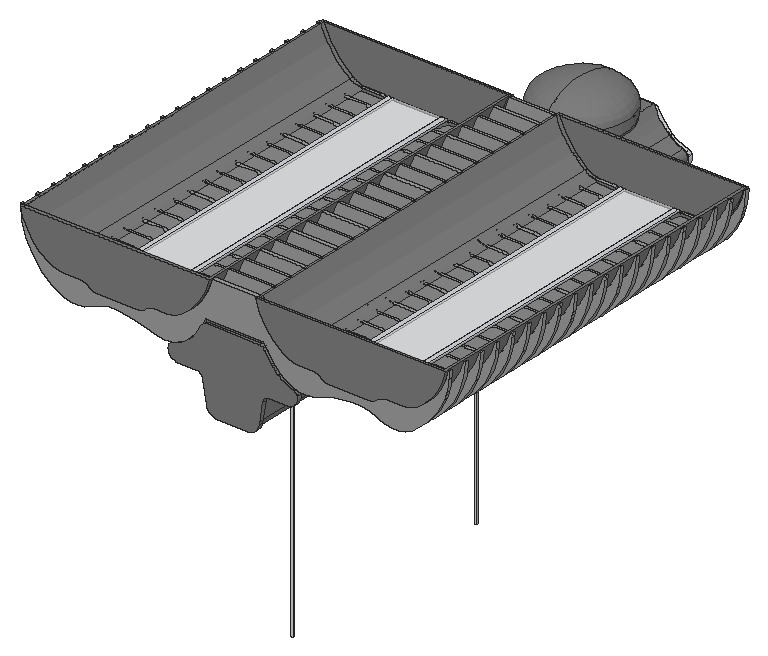
Revit family "0039272 Feilo Sylvania Lighting Fixtures SYLBAY LED 4000K 13KLM WIDE 1-10V PIR", category Lighting Fixtures, host Face, Revit 2017
Family settings
  Host = Face
  Round Connector Dimension = Use Diameter
  Part Type = Normal
  OmniClass Number = 23.80.70.00
  OmniClass Title = Lighting
  Cut with Voids When Loaded = No
  Light Source = Yes
  Shared = No
  Room Calculation Point = No
Parameters (values of type "0039272 SYLBAY LED 4000K 13KLM WIDE 1-10V PIR")
  WireRadius_FEILO = 1 mm
  Weight = "5.1 kg"
  Wattage Comments = "n/a"
  Wattage = 95 W
  WarrantyStartDate [instance] = "n/a"
  WarrantyGuarantorParts = "n/a"
  WarrantyDurationUnit = "n/a"
  WarrantyDurationParts = "n/a"
  WarrantyDescription = "n/a"
  built-in parameter 1150110 = 1 (stored number, unit not read)
  Voltage = 230 V
  URL = "http://www.sylvania-lighting.com"
  TypeName = "SYLBAY LED 4000K 13KLM WIDE 1-10V PIR"
  Type Image = <None>
  Type Comments = "n/a"
  built-in parameter 1114217 = 1 (stored number, unit not read)
  Tilt Angle = -90.00°
  built-in parameter 1150109 = 1 (stored number, unit not read)
  built-in parameter 1150134 = 12
  SuspensionHeight_FEILO [instance] = if(SurfaceMounted_FEILO, 107 mm, SuspensionHeightEntry_FEILO)  # 300 mm
  SuspensionHeightEntry_FEILO [instance] = 300 mm
  SurfaceMounted_FEILO [instance] = no
  built-in parameter 1150113 = 1 (stored number, unit not read)
  SerialNumber [instance] = "n/a"
  ReflectorMaterial = none
  PowerFactor = 0
  PowerConsumption = "95 W"
  Photometric Web File = "0039272.ies"
  NominalLength = 430 mm
  NominalHeight = 105 mm
  NominalDepth = 375 mm
  Name = "SYLBAY LED 4000K 13KLM WIDE 1-10V PIR"
  ModelReference = "SYLBAY LED 4000K 13KLM WIDE 1-10V PIR"
  ModelNumber = "0039272"
  Model = "SYLBAY LED 4000K 13KLM WIDE 1-10V PIR"
  Material = "aluminium housing"
  ManufacturerName = "Feilo Sylvania"
  Manufacturer = "Feilo Sylvania"
  LuminousEfficacy = "141.59 lm/W"
  built-in parameter 1150105 = 8028 (stored number, unit not read)
  Lumens = 13451 lm
  LuminaireType = ""
  built-in parameter 1150115 = 1 (stored number, unit not read)
  LightOutputRatio = "100"
  built-in parameter 1150137 = (empty or 0)
  built-in parameter 1150139 = (empty or 0)
  LampsType = Lamp  # "LED"
  LampNominalLuminous = "13309 lm"
  LampMacAdamStep = "n/a"
  LampColourTemperature = "4000 K"
  LampColourRenderingIndex = "80"
  built-in parameter 1150112 = 1 (stored number, unit not read)
  built-in parameter 1150114 = 1 (stored number, unit not read)
  Lamp = "LED"
  Keynote = "16500"
  InstallationDate [instance] = "n/a"
  InputVoltage = "220-240V~"
  InputNominalFrequency = "50/60 Hz"
  built-in parameter 1150132 = (empty or 0)
  built-in parameter 1150102 = (empty or 0)
  built-in parameter 1150107 = 4000 (stored number, unit not read)
  built-in parameter 1150138 = (empty or 0)
  IngressProtection = "IP65"
  ImpactProtectionIndex = "IK08"
  built-in parameter 1150106 = 80.28 (stored number, unit not read)
  IfcExportType = "IfcLightFixtureType"
  IfcExportAs = "IfcLightFixtureType"
  ExpectedLife = 50000
  Emit from Rectangle Width = 365 mm
  Emit from Rectangle Length = 320 mm
  Emit Shape Visible in Rendering = no
  ElectricShockClassification = "Class I"
  built-in parameter 1150104 = 13.154 (stored number, unit not read)
  DurationUnit = "hours"
  DocumentationLiterature = "http://www.sylvania-lighting.com/product/en-int/products/0039272"
  DimmingControlOptions = "Dimmable"
  Dimming Lamp Color Temperature Shift = <None>
  DiffuserMaterial = Diffuser-Sylvania-Sylbay-Transparent
  Description = "Specification industrial high bay luminaire, robust and durable, slim design, high output and efficiency, lightweight, aluminium housing with shatter-resistant polycarbonate lens optic, 13,300 lumens, 95W, 140lm/W, 4000K, 1400mA, CRI 80, wide beam optic, 1-10V dimmable, integral PIR sensor with daylight/occupancy detection, IP65, IK08, 100,000 hrs (L90B10), (LxWxH) 330x375x105mm, 3 step MacAdam ellipse, 4.6kg, aluminium finish, Class 1, 220-240V, integrated LED, energy class: A++, A+, A."
  Default Elevation = 1219.2 mm
  CreatedOn = "17/11/2017"
  CreatedBy = ""
  Cost = 0
  Color Filter = 16777215
  built-in parameter 1114216 [instance] = (empty or 0)
  BodyMaterial = Body-Sylvania-Sylbay-Aluminium
  BarCode [instance] = "n/a"
  built-in parameter 1114218 = 1 (stored number, unit not read)
  built-in parameter 1150133 = 10 (stored number, unit not read)
  AssetType = "Fixed"
  AssetIdentifier [instance] = "n/a"
  Assembly Code = "D5020200"
  Apparent Load = 95 VA
  AccessoryMaterial = Accesory-Sylvania-Sylbay-White
Reference planes
  plane 1 "Center (Front/Back)": y = 0
  plane 2: z = 0
  plane 3 "Center (Left/Right)": x = 0
  plane 4: z = 300
  plane 5: y = -162
  plane 6: y = 100
  plane 7: y = -100
  plane 8: z = 237.522
  plane 9: z = 246.272
  plane 10: z = 227.522
  plane 11: z = 266.272
  plane 12: z = 256.272
  plane 13: z = 262.272
  plane 14: y = 262
  plane 15: y = -8.075
  plane 16: y = 8.075
  plane 17: y = -165
  plane 18: y = 265
  plane 19: z = 195
  plane 20: z = 193
  plane 21: y = 165
  plane 22: y = 215
  plane 23: y = 175
  plane 24: y = 255
  plane 25: z = 278.272
  plane 26: y = 176
  plane 27: y = 254
Forms (mm)
  Extrusion 1, solid, material "Accesory-Sylvania-Sylbay-White" <- "AccessoryMaterial"
    sketch origin (0, 0, 0) x (1, 0, 0) y (0, 0, 1)
      loop
        arc (-39.258, 246.272) -> (-44.534, 242.283) -> (-50.507, 239.445) r 32.519
        arc (-50.507, 239.445) -> (-54.463, 232.388) -> (-48, 227.522) r 6.147
        line (-48, 227.522) -> (-32.102, 227.522)
        arc (-32.102, 227.522) -> (-26.92, 225.616) -> (-24.206, 220.808) r 8
        line (-24.206, 220.808) -> (-21.094, 201.713)
        arc (-21.094, 201.713) -> (-18.38, 196.905) -> (-13.198, 195) r 8
        line (-13.198, 195) -> (13.198, 195)
        arc (13.198, 195) -> (18.393, 196.916) -> (21.099, 201.746) r 8
        line (21.099, 201.746) -> (24.206, 220.808)
        arc (24.206, 220.808) -> (26.92, 225.616) -> (32.102, 227.522) r 8
        line (32.102, 227.522) -> (48, 227.522)
        arc (48, 227.522) -> (54.463, 232.388) -> (50.507, 239.445) r 6.147
        arc (50.507, 239.445) -> (44.534, 242.283) -> (39.258, 246.272) r 32.519
        arc (39.258, 246.272) -> (31.199, 255.531) -> (25.254, 266.272) r 58.361
        line (25.254, 266.272) -> (-25.254, 266.272)
        arc (-25.254, 266.272) -> (-31.199, 255.531) -> (-39.258, 246.272) r 58.361
    from -262 to 162
  Extrusion 2, solid, material "Body-Sylvania-Sylbay-Aluminium" <- "BodyMaterial", detail levels medium+fine
    sketch origin (0, 0, 0) x (1, 0, 0) y (0, 0, 1)
      loop
        arc (-32.102, 225.522) -> (-28.215, 224.093) -> (-26.18, 220.487) r 6
        line (-26.18, 220.487) -> (-23.068, 201.392)
        arc (-23.068, 201.392) -> (-19.676, 195.381) -> (-13.198, 193) r 10
        line (-13.198, 193) -> (13.198, 193)
        arc (13.198, 193) -> (19.69, 195.393) -> (23.074, 201.428) r 10
        line (23.074, 201.428) -> (26.18, 220.487)
        arc (26.18, 220.487) -> (28.215, 224.093) -> (32.102, 225.522) r 6
        line (32.102, 225.522) -> (47.932, 225.522)
        arc (47.932, 225.522) -> (54.718, 228.451) -> (56.343, 235.661) r 8.147
        arc (56.343, 235.661) -> (55.292, 237.506) -> (53.445, 238.553) r 4
        arc (53.445, 238.553) -> (45.865, 241.518) -> (39.258, 246.272) r 32.519
        arc (39.258, 246.272) -> (32.89, 253.237) -> (27.728, 261.137) r 58.361
        arc (27.728, 261.137) -> (25.523, 263.429) -> (22.456, 264.272) r 6
        line (22.456, 264.272) -> (-22.456, 264.272)
        arc (-22.456, 264.272) -> (-25.523, 263.429) -> (-27.728, 261.137) r 6
        arc (-27.728, 261.137) -> (-32.89, 253.237) -> (-39.258, 246.272) r 58.361
        arc (-39.258, 246.272) -> (-45.865, 241.518) -> (-53.445, 238.553) r 32.519
        arc (-53.445, 238.553) -> (-55.292, 237.506) -> (-56.343, 235.661) r 4
        arc (-56.343, 235.661) -> (-54.718, 228.451) -> (-47.932, 225.522) r 8.147
        line (-47.932, 225.522) -> (-32.102, 225.522)
    from 162 to 165
  Extrusion 3, solid, detail levels medium+fine
    sketch origin (0, 0, 0) x (1, 0, 0) y (0, 0, 1)
      loop
        line (-47.932, 225.522) -> (-32.102, 225.522)
        arc (-32.102, 225.522) -> (-28.215, 224.093) -> (-26.18, 220.487) r 6
        line (-26.18, 220.487) -> (-23.068, 201.392)
        arc (-23.068, 201.392) -> (-19.676, 195.381) -> (-13.198, 193) r 10
        line (-13.198, 193) -> (13.198, 193)
        arc (13.198, 193) -> (19.69, 195.393) -> (23.074, 201.428) r 10
        line (23.074, 201.428) -> (26.18, 220.487)
        arc (26.18, 220.487) -> (28.215, 224.093) -> (32.102, 225.522) r 6
        line (32.102, 225.522) -> (47.932, 225.522)
        arc (47.932, 225.522) -> (54.718, 228.451) -> (56.343, 235.661) r 8.147
        arc (56.343, 235.661) -> (55.292, 237.506) -> (53.445, 238.553) r 4
        arc (53.445, 238.553) -> (45.865, 241.518) -> (39.258, 246.272) r 32.519
        arc (39.258, 246.272) -> (32.89, 253.237) -> (27.728, 261.137) r 58.361
        arc (27.728, 261.137) -> (25.523, 263.429) -> (22.456, 264.272) r 6
        line (22.456, 264.272) -> (-22.456, 264.272)
        arc (-22.456, 264.272) -> (-25.523, 263.429) -> (-27.728, 261.137) r 6
        arc (-27.728, 261.137) -> (-32.89, 253.237) -> (-39.258, 246.272) r 58.361
        arc (-39.258, 246.272) -> (-45.865, 241.518) -> (-53.445, 238.553) r 32.519
        arc (-53.445, 238.553) -> (-55.292, 237.506) -> (-56.343, 235.661) r 4
        arc (-56.343, 235.661) -> (-54.718, 228.451) -> (-47.932, 225.522) r 8.147
    from -265 to -262
  Extrusion 4, solid
    sketch origin (-316.531, -4572, 195) x (-1, 0, 0) y (0, -1, 0)
      loop
        circle (-316.531, -4672) r 1
      loop
        circle (-316.531, -4472) r 1
    from 0 to -195
  Revolve 5, solid, material "Body-Sylvania-Sylbay-Aluminium" <- "BodyMaterial"
    sketch origin (0, 0, 0) x (0, 1, 0) y (0, 0, 1)
      loop
        arc (175.771, 269.022) -> (176.729, 267.064) -> (178.76, 266.272) r 3
        line (178.76, 266.272) -> (215, 266.272) -> (215, 278.272) -> (175, 278.272) -> (175.771, 269.022)
      axis (215, 266.272) -> (215, 278.272)
    angle from 360 to 0
  Revolve 6, solid, material "Accesory-Sylvania-Sylbay-White" <- "AccessoryMaterial"
    sketch origin (0, 0, 0) x (0, 1, 0) y (0, 0, 1)
      loop
        line (175, 278.272) -> (215, 278.272) -> (215, 300)
        spline (215, 300) -> (209.779, 299.814) -> (204.647, 299.26) -> (199.693, 298.346) -> (195, 297.089) -> (190.65, 295.51) -> (186.716, 293.636) -> (183.266, 291.499) -> (180.359, 289.136) -> (178.045, 286.587) -> (176.363, 283.895) -> (175.342, 281.108) -> (175, 278.272)
      axis (215, 278.272) -> (215, 300)
    angle from 360 to 0
Dimensions and locks
  "SuspensionHeight_FEILO": plane 4 to plane 2
  equal spacing: plane 7, plane 1 "Center (Front/Back)", plane 6
  locked: plane 1 "Center (Front/Back)" to plane 6 at 100
  locked: plane 4 to plane 8 at 62.478
  locked: plane 4 to plane 9 at 53.728
  plane 4 to plane 10 = 72.478 mm
  locked: plane 4 to plane 11 at 33.728
  locked: plane 12 to plane 9 at 10
  locked: plane 13 to plane 12 at 6
  locked: plane 3 "Center (Left/Right)" to Extrusion 1 sketch curve at 48.447
  locked: Extrusion 1 sketch curve to plane 3 "Center (Left/Right)" at 48.447
  locked: plane 4 to Extrusion 1 sketch curve at 66.347  (x2)
  Extrusion 1 sketch curve to plane 3 "Center (Left/Right)" to Extrusion 1 sketch curve = 13.198 mm locked, 13.198 mm locked
  Extrusion 1 sketch curve to plane 3 "Center (Left/Right)" to Extrusion 1 sketch curve = 32.102 mm locked, 32.102 mm locked
  locked: plane 4 to Extrusion 1 sketch curve at 97  (x2)
  locked: plane 4 to Extrusion 1 sketch curve at 80.478  (x2)
  equal spacing: plane 15, plane 1 "Center (Front/Back)", plane 16
  locked: plane 15 to plane 16 at 16.15
  locked: plane 10 to Extrusion 2 sketch curve at 2
  plane 10 to Extrusion 2 sketch curve = 2 mm
  locked: Extrusion 2 sketch curve to Extrusion 1 at 2  (x2)
  locked: Extrusion 2 sketch curve to plane 3 "Center (Left/Right)" at 52.466
  locked: plane 3 "Center (Left/Right)" to Extrusion 2 sketch curve at 52.466
  locked: plane 4 to Extrusion 2 sketch curve at 65.325  (x2)
  locked: plane 4 to Extrusion 2 sketch curve at 41.728  (x2)
  locked: plane 3 "Center (Left/Right)" to Extrusion 2 sketch curve at 22.456
  locked: Extrusion 2 sketch curve to plane 3 "Center (Left/Right)" at 22.456
  locked: plane 4 to plane 19 at 105
  locked: plane 19 to plane 20 at 2
  locked: plane 1 "Center (Front/Back)" to plane 18 at 265
  locked: plane 14 to plane 18 at 3
  locked: plane 17 to plane 1 "Center (Front/Back)" at 165
  locked: plane 17 to plane 5 at 3
  locked: plane 21 to plane 18 at 100
  locked: plane 21 to plane 22 at 50
  equal spacing: plane 23, plane 22, plane 24
  locked: plane 23 to plane 22 at 40
  equal spacing: plane 26, plane 22, plane 27
  locked: plane 23 to plane 26 at 1
  locked: plane 25 to plane 11 at 12
  locked: Revolve 5 sketch curve to plane 11 at 3
  locked: Revolve 5 sketch curve to plane 22 at 36.24
  "WireRadius_FEILO": radius of Extrusion 4 sketch curve  (x2)
  aligned and locked: plane 2 to host face
  aligned and locked: level to host face
  aligned and locked: plane 10 to Extrusion 1 sketch curve
  aligned and locked: plane 5 to Extrusion 1
  aligned and locked: Extrusion 1 to plane 14
  aligned and locked: imposter light to plane 4
  aligned and locked: plane 3 "Center (Left/Right)" to imposter light
  aligned and locked: plane 1 "Center (Front/Back)" to imposter light
  aligned and locked: plane 17 to Extrusion 2
  aligned and locked: Extrusion 2 to plane 5
  aligned and locked: Extrusion 3 sketch curve to Extrusion 2  (x15)
  aligned and locked: Extrusion 3 to Extrusion 1
  aligned and locked: Extrusion 3 to plane 18
  aligned and locked: Extrusion 1 sketch curve to plane 19
  aligned and locked: plane 7 to Extrusion 4 sketch curve
  aligned and locked: plane 3 "Center (Left/Right)" to Extrusion 4 sketch curve  (x2)
  aligned and locked: plane 6 to Extrusion 4 sketch curve
  aligned and locked: Extrusion 1 to Extrusion 4
  aligned and locked: Extrusion 4 to level
  aligned and locked: plane 20 to Extrusion 2 sketch curve
  aligned and locked: Revolve 5 sketch curve to plane 11
  aligned and locked: Revolve 5 sketch curve to plane 22  (x2)
  aligned and locked: Revolve 5 sketch curve to plane 25
  aligned and locked: Revolve 6 sketch curve to plane 22  (x2)
  aligned and locked: Revolve 6 sketch curve to Revolve 5
  aligned and locked: plane 4 to Revolve 6 sketch curve
  aligned and locked: plane 22 to Revolve 6 sketch curve
  aligned and locked: plane 3 "Center (Left/Right)" to nested 1
  aligned and locked: plane 1 "Center (Front/Back)" to nested 1
Automatic sketch dimensions
  host sketch curve to host sketch curve = 2438.4 mm  (x2)
  Extrusion 1 sketch curve to plane 9 = 0 mm  (x4)
  Extrusion 1 sketch curve to plane 10 = 0 mm
  plane 11 to Extrusion 1 sketch curve = 3.811 mm
  Extrusion 1 sketch curve to Extrusion 1 sketch curve = 36.151 mm  (x2)
  Extrusion 1 sketch curve to plane 4 = 10.994 mm  (x2)
  Extrusion 1 sketch curve to plane 11 = 0 mm
  plane 9 to Extrusion 1 sketch curve = 23.811 mm
  Extrusion 1 sketch curve to plane 10 = 6.713 mm  (x2)
  plane 19 to Extrusion 1 sketch curve = 6.713 mm
  Extrusion 3 sketch curve to plane 10 = 7.035 mm  (x2)
  plane 19 to Extrusion 3 sketch curve = 6.392 mm
  plane 19 to Extrusion 1 sketch curve = 6.746 mm
  plane 19 to Extrusion 3 sketch curve = 6.428 mm
  plane 3 "Center (Left/Right)" to Extrusion 1 sketch curve = 25.254 mm
  Extrusion 1 sketch curve to Extrusion 1 sketch curve = 0.447 mm  (x2)
  Extrusion 1 sketch curve to Extrusion 1 sketch curve = 12.959 mm
  Extrusion 2 sketch curve to plane 9 = 0 mm  (x4)
  plane 11 to Extrusion 2 sketch curve = 3.811 mm  (x2)
  Extrusion 2 sketch curve to Extrusion 2 sketch curve = 8.939 mm  (x2)
  Extrusion 2 sketch curve to plane 4 = 10.994 mm  (x2)
  Extrusion 2 sketch curve to Extrusion 2 sketch curve = 17.6 mm  (x2)
  Extrusion 2 sketch curve to Extrusion 2 sketch curve = 4.02 mm  (x2)
  Extrusion 2 sketch curve to Extrusion 2 sketch curve = 0.514 mm
  Extrusion 2 sketch curve to plane 10 = 8 mm
  Extrusion 2 sketch curve to plane 10 = 7.035 mm  (x2)
  plane 19 to Extrusion 2 sketch curve = 6.392 mm
  plane 19 to Extrusion 2 sketch curve = 8 mm
  plane 3 "Center (Left/Right)" to Extrusion 2 sketch curve = 13.198 mm
  plane 19 to Extrusion 2 sketch curve = 6.428 mm
  Extrusion 2 sketch curve to Extrusion 2 sketch curve = 5.922 mm
  Extrusion 2 sketch curve to Extrusion 2 sketch curve = 4.534 mm
  Extrusion 2 sketch curve to plane 8 = 3.869 mm  (x2)
  Extrusion 2 sketch curve to plane 11 = 2 mm
  Extrusion 2 sketch curve to Extrusion 2 sketch curve = 0 mm  (x2)
  Revolve 6 sketch curve to plane 23 = 0 mm
  Revolve 6 sketch curve to level = 309.6 mm
  plane 4 to Revolve 6 sketch curve = 2138.4 mm
  Revolve 5 sketch curve to plane 23 = 0 mm
  plane 26 to Revolve 5 sketch curve = 0.229 mm
  Revolve 5 sketch curve to level = 309.6 mm
  plane 4 to Revolve 5 sketch curve = 2138.4 mm
Nested families
  nested 1: "SylbayBody" at (0, 0, 266.272), type "SylbayBody"
  nested 2: "SlybayRib" at (0, 144.453, 300), type "SylbayRib"
  nested 3: "SlybayRib" at (0, 127.406, 300), type "SylbayRib"
  nested 4: "SlybayRib" at (0, 110.358, 300), type "SylbayRib"
  nested 5: "SlybayRib" at (0, 93.311, 300), type "SylbayRib"
  nested 6: "SlybayRib" at (0, 76.264, 300), type "SylbayRib"
  nested 7: "SlybayRib" at (0, 59.217, 300), type "SylbayRib"
  nested 8: "SlybayRib" at (0, 42.169, 300), type "SylbayRib"
  nested 9: "SlybayRib" at (0, 25.122, 300), type "SylbayRib"
  nested 10: "SlybayRib" at (0, 161.5, 300), type "SylbayRib"
  nested 11: "SlybayRib" at (0, -144.453, 300), type "SylbayRib"
  nested 12: "SlybayRib" at (0, -127.406, 300), type "SylbayRib"
  nested 13: "SlybayRib" at (0, -110.358, 300), type "SylbayRib"
  nested 14: "SlybayRib" at (0, -93.311, 300), type "SylbayRib"
  nested 15: "SlybayRib" at (0, -76.264, 300), type "SylbayRib"
  nested 16: "SlybayRib" at (0, -59.217, 300), type "SylbayRib"
  nested 17: "SlybayRib" at (0, -42.169, 300), type "SylbayRib"
  nested 18: "SlybayRib" at (0, -25.122, 300), type "SylbayRib"
  nested 19: "SlybayRib" at (0, -161.5, 300), type "SylbayRib"
  nested 20: "SlybayRib" at (0, 8.075, 300), type "SylbayRib"
  nested 21: "SlybayRib" at (0, -8.075, 300), type "SylbayRib"
Connectors
  electrical at (0, 0, 0), driven by "Apparent Load"
    settings: index 1, voltage 230 V, apparent load 95 VA, apparent load phase1 0 VA, apparent load phase2 0 VA, apparent load phase3 0 VA, power factor 0, load classification "Lighting", number of poles 1, system type 30, power factor state 1, is connector primary yes, connector utility no, sub classification motor no, connector description ""
Definition of nested family "SylbayBody"
  Parameters (values of type "SylbayBody")
    URL = "http://www.feilosylvania.com"
    Type Image = (empty or 0)
    Type Comments = "n/a"
    RibLast_FEILO = 161.5 mm
    RibDistance_FEILO = RibLast_FEILO / 10  # 16.15 mm
    ReflectorMaterial = none
    Model = ""
    Manufacturer = "Feilo Sylvania"
    Keynote = ""
    DiffuserMaterial = none
    Description = "n/a"
    Default Elevation = 1219.2 mm
    Cost = 0
    BodyMaterial = none
    Assembly Code = "D5020200"
    AccessoryMaterial = none
  Reference planes
    plane 1 "Center (Front/Back)": y = 0
    plane 2: z = 0
    plane 3 "Center (Left/Right)": x = 0
    plane 4: x = -187.5
    plane 5: x = 187.5
    plane 6: z = 33.728
    plane 7: y = -165
    plane 8: y = 165
    plane 9: y = -148
    plane 10: y = 160
    plane 11: y = -160
    plane 12: z = -28.75
    plane 13: z = -20
    plane 14: x = -102.75
    plane 15: x = 102.75
    plane 16: z = 0
    plane 17: x = -185.5
    plane 18: x = -20
    plane 19: z = -10
    plane 20: x = -122.75
    plane 21: x = -82.75
    plane 22: z = -4
    plane 23: x = -130.75
    plane 24: x = -74.75
    plane 25: x = -145.75
    plane 26: x = -59.75
    plane 27: x = -25.3
    plane 28: x = -183.5
    plane 29: x = -22
    plane 30: y = -163
    plane 31: y = 163
    plane 32: x = 25.3
    plane 33: x = -48
    plane 34: x = 48
    plane 35: x = 20
    plane 36: y = 148
    plane 37: y = -161.5
    plane 38: y = 161.5
    plane 39: y = -8.075
    plane 40: y = 8.075
    plane 41: y = -151
    plane 42: y = 151
    plane 43: y = 149
    plane 44: y = 152
    plane 45: z = -2
    plane 46: z = 0
  Forms (mm)
    Extrusion 1, solid
      sketch origin (4.2, 0, 0) x (1, 0, 0) y (0, 1, 0)
        loop
          line (-1219.2, 1219.2) -> (-1219.2, -1219.2) -> (1219.2, -1219.2) -> (1219.2, 1219.2) -> (-1219.2, 1219.2)
      from 0 to -304.8
    Extrusion 2, solid, material <- "BodyMaterial", detail levels coarse+medium
      sketch origin (0, 0, -234.25) x (1, 0, 0) y (0, 0, 1)
        loop
          arc (-187.5, 267.978) -> (-180.003, 237.85) -> (-159.829, 214.25) r 67.598
          arc (-159.829, 214.25) -> (-143.258, 206.411) -> (-125.169, 209.379) r 30.791
          arc (-125.169, 209.379) -> (-113.533, 213.402) -> (-101.25, 214.25) r 46.777
          arc (-101.25, 214.25) -> (-87.202, 212.214) -> (-73.664, 207.942) r 87.865
          arc (-73.664, 207.942) -> (-55.541, 206.076) -> (-39.258, 214.25) r 32.519
          arc (-39.258, 214.25) -> (-31.199, 223.509) -> (-25.254, 234.25) r 58.361
          line (-25.254, 234.25) -> (25.254, 234.25)
          arc (25.254, 234.25) -> (31.199, 223.509) -> (39.258, 214.25) r 58.361
          arc (39.258, 214.25) -> (55.541, 206.076) -> (73.664, 207.942) r 32.519
          arc (73.664, 207.942) -> (87.202, 212.214) -> (101.25, 214.25) r 87.865
          arc (101.25, 214.25) -> (113.533, 213.402) -> (125.169, 209.379) r 46.777
          arc (125.169, 209.379) -> (143.258, 206.411) -> (159.829, 214.25) r 30.791
          arc (159.829, 214.25) -> (180.003, 237.85) -> (187.5, 267.978) r 67.598
          line (187.5, 267.978) -> (185.5, 267.978)
          arc (185.5, 267.978) -> (176.042, 248.665) -> (160.084, 234.25) r 56.823
          arc (160.084, 234.25) -> (153.191, 231.269) -> (145.75, 230.25) r 27.682
          line (145.75, 230.25) -> (132.583, 230.25)
          arc (132.583, 230.25) -> (129.421, 229.737) -> (126.583, 228.25) r 10
          line (126.583, 228.25) -> (123.917, 226.25)
          arc (123.917, 226.25) -> (121.079, 224.763) -> (117.917, 224.25) r 10
          line (117.917, 224.25) -> (84.583, 224.25)
          arc (84.583, 224.25) -> (81.421, 224.763) -> (78.583, 226.25) r 10
          line (78.583, 226.25) -> (75.917, 228.25)
          arc (75.917, 228.25) -> (73.079, 229.737) -> (69.917, 230.25) r 10
          line (69.917, 230.25) -> (58.25, 230.25)
          arc (58.25, 230.25) -> (51.55, 231.273) -> (45.461, 234.25) r 22.443
          arc (45.461, 234.25) -> (30.027, 249.073) -> (20, 267.978) r 67.602
          line (20, 267.978) -> (-20, 267.978)
          arc (-20, 267.978) -> (-30.027, 249.073) -> (-45.461, 234.25) r 67.602
          arc (-45.461, 234.25) -> (-51.55, 231.273) -> (-58.25, 230.25) r 22.443
          line (-58.25, 230.25) -> (-69.917, 230.25)
          arc (-69.917, 230.25) -> (-73.079, 229.737) -> (-75.917, 228.25) r 10
          line (-75.917, 228.25) -> (-78.583, 226.25)
          arc (-78.583, 226.25) -> (-81.421, 224.763) -> (-84.583, 224.25) r 10
          line (-84.583, 224.25) -> (-117.917, 224.25)
          arc (-117.917, 224.25) -> (-121.079, 224.763) -> (-123.917, 226.25) r 10
          line (-123.917, 226.25) -> (-126.583, 228.25)
          arc (-126.583, 228.25) -> (-129.421, 229.737) -> (-132.583, 230.25) r 10
          line (-132.583, 230.25) -> (-145.75, 230.25)
          arc (-145.75, 230.25) -> (-153.191, 231.269) -> (-160.084, 234.25) r 27.682
          arc (-160.084, 234.25) -> (-176.042, 248.665) -> (-185.5, 267.978) r 56.823
          line (-185.5, 267.978) -> (-187.5, 267.978)
      from 160 to -160
    Extrusion 3, solid, material <- "BodyMaterial"
      sketch origin (0, 0, -234.25) x (1, 0, 0) y (0, 0, 1)
        loop
          arc (-145.75, 230.25) -> (-152.168, 231.276) -> (-157.947, 234.25) r 20.597
          arc (-157.947, 234.25) -> (-173.175, 249.257) -> (-183.5, 267.978) r 74.319
          line (-183.5, 267.978) -> (-185.5, 267.978)
          arc (-185.5, 267.978) -> (-176.042, 248.665) -> (-160.084, 234.25) r 56.823
          arc (-160.084, 234.25) -> (-153.191, 231.269) -> (-145.75, 230.25) r 27.682
        loop
          arc (-45.461, 234.25) -> (-30.027, 249.073) -> (-20, 267.978) r 67.602
          line (-20, 267.978) -> (-22, 267.978)
          arc (-22, 267.978) -> (-31.964, 249.398) -> (-46.63, 234.25) r 76.357
          arc (-46.63, 234.25) -> (-52.105, 231.278) -> (-58.25, 230.25) r 18.878
          arc (-58.25, 230.25) -> (-51.55, 231.273) -> (-45.461, 234.25) r 22.443
        loop
          arc (145.75, 230.25) -> (153.191, 231.269) -> (160.084, 234.25) r 27.682
          arc (160.084, 234.25) -> (176.042, 248.665) -> (185.5, 267.978) r 56.823
          line (185.5, 267.978) -> (183.5, 267.978)
          arc (183.5, 267.978) -> (173.175, 249.257) -> (157.947, 234.25) r 74.319
          arc (157.947, 234.25) -> (152.168, 231.276) -> (145.75, 230.25) r 20.597
        loop
          arc (45.461, 234.25) -> (51.55, 231.273) -> (58.25, 230.25) r 22.443
          arc (58.25, 230.25) -> (52.105, 231.278) -> (46.63, 234.25) r 18.878
          arc (46.63, 234.25) -> (31.964, 249.398) -> (22, 267.978) r 76.357
          line (22, 267.978) -> (20, 267.978)
          arc (20, 267.978) -> (30.027, 249.073) -> (45.461, 234.25) r 67.602
      from -160 to 160
    Extrusion 4, solid, material <- "BodyMaterial"
      sketch origin (0, -165, -843.85) x (0, 0, -1) y (1, 0, 0)
        loop
          arc (-837.85, -132.583) -> (-837.439, -130.054) -> (-836.25, -127.783) r 8
          line (-836.25, -127.783) -> (-834.25, -125.117)
          arc (-834.25, -125.117) -> (-832.466, -121.711) -> (-831.85, -117.917) r 12
          line (-831.85, -117.917) -> (-831.85, -84.583)
          arc (-831.85, -84.583) -> (-832.466, -80.789) -> (-834.25, -77.383) r 12
          line (-834.25, -77.383) -> (-836.25, -74.717)
          arc (-836.25, -74.717) -> (-837.439, -72.446) -> (-837.85, -69.917) r 8
          line (-837.85, -69.917) -> (-837.85, -58.25)
          arc (-837.85, -58.25) -> (-838.965, -50.953) -> (-842.206, -44.322) r 24.443
          arc (-842.206, -44.322) -> (-857.666, -28.923) -> (-877.578, -20) r 60.581
          line (-877.578, -20) -> (-877.578, -22)
          arc (-877.578, -22) -> (-858.998, -31.964) -> (-843.85, -46.63) r 76.357
          arc (-843.85, -46.63) -> (-840.878, -52.105) -> (-839.85, -58.25) r 18.878
          line (-839.85, -58.25) -> (-839.85, -69.917)
          arc (-839.85, -69.917) -> (-839.337, -73.079) -> (-837.85, -75.917) r 10
          line (-837.85, -75.917) -> (-835.85, -78.583)
          arc (-835.85, -78.583) -> (-834.363, -81.421) -> (-833.85, -84.583) r 10
          line (-833.85, -84.583) -> (-833.85, -117.917)
          arc (-833.85, -117.917) -> (-834.363, -121.079) -> (-835.85, -123.917) r 10
          line (-835.85, -123.917) -> (-837.85, -126.583)
          arc (-837.85, -126.583) -> (-839.337, -129.421) -> (-839.85, -132.583) r 10
          line (-839.85, -132.583) -> (-839.85, -145.75)
          arc (-839.85, -145.75) -> (-840.876, -152.168) -> (-843.85, -157.947) r 20.597
          arc (-843.85, -157.947) -> (-858.857, -173.175) -> (-877.578, -183.5) r 74.319
          line (-877.578, -183.5) -> (-877.578, -185.5)
          arc (-877.578, -185.5) -> (-857.235, -177.123) -> (-842.139, -161.119) r 52.287
          arc (-842.139, -161.119) -> (-838.942, -153.728) -> (-837.85, -145.75) r 29.682
          line (-837.85, -145.75) -> (-837.85, -132.583)
        loop
          line (-837.85, 132.583) -> (-837.85, 145.75)
          arc (-837.85, 145.75) -> (-838.942, 153.728) -> (-842.139, 161.119) r 29.682
          arc (-842.139, 161.119) -> (-857.235, 177.123) -> (-877.578, 185.5) r 52.287
          line (-877.578, 185.5) -> (-877.578, 183.5)
          arc (-877.578, 183.5) -> (-858.857, 173.175) -> (-843.85, 157.947) r 74.319
          arc (-843.85, 157.947) -> (-840.876, 152.168) -> (-839.85, 145.75) r 20.597
          line (-839.85, 145.75) -> (-839.85, 132.583)
          arc (-839.85, 132.583) -> (-839.337, 129.421) -> (-837.85, 126.583) r 10
          line (-837.85, 126.583) -> (-835.85, 123.917)
          arc (-835.85, 123.917) -> (-834.363, 121.079) -> (-833.85, 117.917) r 10
          line (-833.85, 117.917) -> (-833.85, 84.583)
          arc (-833.85, 84.583) -> (-834.363, 81.421) -> (-835.85, 78.583) r 10
          line (-835.85, 78.583) -> (-837.85, 75.917)
          arc (-837.85, 75.917) -> (-839.337, 73.079) -> (-839.85, 69.917) r 10
          line (-839.85, 69.917) -> (-839.85, 58.25)
          arc (-839.85, 58.25) -> (-840.878, 52.105) -> (-843.85, 46.63) r 18.878
          arc (-843.85, 46.63) -> (-858.998, 31.964) -> (-877.578, 22) r 76.357
          line (-877.578, 22) -> (-877.578, 20)
          arc (-877.578, 20) -> (-857.666, 28.923) -> (-842.206, 44.322) r 60.581
          arc (-842.206, 44.322) -> (-838.965, 50.953) -> (-837.85, 58.25) r 24.443
          line (-837.85, 58.25) -> (-837.85, 69.917)
          arc (-837.85, 69.917) -> (-837.439, 72.446) -> (-836.25, 74.717) r 8
          line (-836.25, 74.717) -> (-834.25, 77.383)
          arc (-834.25, 77.383) -> (-832.466, 80.789) -> (-831.85, 84.583) r 12
          line (-831.85, 84.583) -> (-831.85, 117.917)
          arc (-831.85, 117.917) -> (-832.466, 121.711) -> (-834.25, 125.117) r 12
          line (-834.25, 125.117) -> (-836.25, 127.783)
          arc (-836.25, 127.783) -> (-837.439, 130.054) -> (-837.85, 132.583) r 8
      from -2 to -5
    Extrusion 5, solid, material <- "BodyMaterial"
      sketch origin (0, 165, -843.85) x (0, 0, -1) y (1, 0, 0)
        loop
          line (-831.85, -117.917) -> (-831.85, -84.583)
          arc (-831.85, -84.583) -> (-832.466, -80.789) -> (-834.25, -77.383) r 12
          line (-834.25, -77.383) -> (-836.25, -74.717)
          arc (-836.25, -74.717) -> (-837.439, -72.446) -> (-837.85, -69.917) r 8
          line (-837.85, -69.917) -> (-837.85, -58.25)
          arc (-837.85, -58.25) -> (-838.965, -50.953) -> (-842.206, -44.322) r 24.443
          arc (-842.206, -44.322) -> (-857.666, -28.923) -> (-877.578, -20) r 60.581
          line (-877.578, -20) -> (-877.578, -22)
          arc (-877.578, -22) -> (-858.998, -31.964) -> (-843.85, -46.63) r 76.357
          arc (-843.85, -46.63) -> (-840.878, -52.105) -> (-839.85, -58.25) r 18.878
          line (-839.85, -58.25) -> (-839.85, -69.917)
          arc (-839.85, -69.917) -> (-839.337, -73.079) -> (-837.85, -75.917) r 10
          line (-837.85, -75.917) -> (-835.85, -78.583)
          arc (-835.85, -78.583) -> (-834.363, -81.421) -> (-833.85, -84.583) r 10
          line (-833.85, -84.583) -> (-833.85, -117.917)
          arc (-833.85, -117.917) -> (-834.363, -121.079) -> (-835.85, -123.917) r 10
          line (-835.85, -123.917) -> (-837.85, -126.583)
          arc (-837.85, -126.583) -> (-839.337, -129.421) -> (-839.85, -132.583) r 10
          line (-839.85, -132.583) -> (-839.85, -145.75)
          arc (-839.85, -145.75) -> (-840.876, -152.168) -> (-843.85, -157.947) r 20.597
          arc (-843.85, -157.947) -> (-858.857, -173.175) -> (-877.578, -183.5) r 74.319
          line (-877.578, -183.5) -> (-877.578, -185.5)
          arc (-877.578, -185.5) -> (-857.235, -177.123) -> (-842.139, -161.119) r 52.287
          arc (-842.139, -161.119) -> (-838.942, -153.728) -> (-837.85, -145.75) r 29.682
          line (-837.85, -145.75) -> (-837.85, -132.583)
          arc (-837.85, -132.583) -> (-837.439, -130.054) -> (-836.25, -127.783) r 8
          line (-836.25, -127.783) -> (-834.25, -125.117)
          arc (-834.25, -125.117) -> (-832.466, -121.711) -> (-831.85, -117.917) r 12
        loop
          line (-831.85, 84.583) -> (-831.85, 117.917)
          arc (-831.85, 117.917) -> (-832.466, 121.711) -> (-834.25, 125.117) r 12
          line (-834.25, 125.117) -> (-836.25, 127.783)
          arc (-836.25, 127.783) -> (-837.439, 130.054) -> (-837.85, 132.583) r 8
          line (-837.85, 132.583) -> (-837.85, 145.75)
          arc (-837.85, 145.75) -> (-838.942, 153.728) -> (-842.139, 161.119) r 29.682
          arc (-842.139, 161.119) -> (-857.235, 177.123) -> (-877.578, 185.5) r 52.287
          line (-877.578, 185.5) -> (-877.578, 183.5)
          arc (-877.578, 183.5) -> (-858.857, 173.175) -> (-843.85, 157.947) r 74.319
          arc (-843.85, 157.947) -> (-840.876, 152.168) -> (-839.85, 145.75) r 20.597
          line (-839.85, 145.75) -> (-839.85, 132.583)
          arc (-839.85, 132.583) -> (-839.337, 129.421) -> (-837.85, 126.583) r 10
          line (-837.85, 126.583) -> (-835.85, 123.917)
          arc (-835.85, 123.917) -> (-834.363, 121.079) -> (-833.85, 117.917) r 10
          line (-833.85, 117.917) -> (-833.85, 84.583)
          arc (-833.85, 84.583) -> (-834.363, 81.421) -> (-835.85, 78.583) r 10
          line (-835.85, 78.583) -> (-837.85, 75.917)
          arc (-837.85, 75.917) -> (-839.337, 73.079) -> (-839.85, 69.917) r 10
          line (-839.85, 69.917) -> (-839.85, 58.25)
          arc (-839.85, 58.25) -> (-840.878, 52.105) -> (-843.85, 46.63) r 18.878
          arc (-843.85, 46.63) -> (-858.998, 31.964) -> (-877.578, 22) r 76.357
          line (-877.578, 22) -> (-877.578, 20)
          arc (-877.578, 20) -> (-857.666, 28.923) -> (-842.206, 44.322) r 60.581
          arc (-842.206, 44.322) -> (-838.965, 50.953) -> (-837.85, 58.25) r 24.443
          line (-837.85, 58.25) -> (-837.85, 69.917)
          arc (-837.85, 69.917) -> (-837.439, 72.446) -> (-836.25, 74.717) r 8
          line (-836.25, 74.717) -> (-834.25, 77.383)
          arc (-834.25, 77.383) -> (-832.466, 80.789) -> (-831.85, 84.583) r 12
      from 2 to 5
    Extrusion 6, solid, material <- "BodyMaterial"
      sketch origin (0, 165, -843.85) x (0, 0, -1) y (1, 0, 0)
        loop
          arc (-842.206, -44.322) -> (-857.666, -28.923) -> (-877.578, -20) r 60.581
          line (-877.578, -20) -> (-877.578, -185.5)
          arc (-877.578, -185.5) -> (-857.235, -177.123) -> (-842.139, -161.119) r 52.287
          arc (-842.139, -161.119) -> (-838.942, -153.728) -> (-837.85, -145.75) r 29.682
          line (-837.85, -145.75) -> (-837.85, -132.583)
          arc (-837.85, -132.583) -> (-837.439, -130.054) -> (-836.25, -127.783) r 8
          line (-836.25, -127.783) -> (-834.25, -125.117)
          arc (-834.25, -125.117) -> (-832.466, -121.711) -> (-831.85, -117.917) r 12
          line (-831.85, -117.917) -> (-831.85, -84.583)
          arc (-831.85, -84.583) -> (-832.466, -80.789) -> (-834.25, -77.383) r 12
          line (-834.25, -77.383) -> (-836.25, -74.717)
          arc (-836.25, -74.717) -> (-837.439, -72.446) -> (-837.85, -69.917) r 8
          line (-837.85, -69.917) -> (-837.85, -58.25)
          arc (-837.85, -58.25) -> (-838.965, -50.953) -> (-842.206, -44.322) r 24.443
        loop
          arc (-877.578, 20) -> (-857.666, 28.923) -> (-842.206, 44.322) r 60.581
          arc (-842.206, 44.322) -> (-838.965, 50.953) -> (-837.85, 58.25) r 24.443
          line (-837.85, 58.25) -> (-837.85, 69.917)
          arc (-837.85, 69.917) -> (-837.439, 72.446) -> (-836.25, 74.717) r 8
          line (-836.25, 74.717) -> (-834.25, 77.383)
          arc (-834.25, 77.383) -> (-832.466, 80.789) -> (-831.85, 84.583) r 12
          line (-831.85, 84.583) -> (-831.85, 117.917)
          arc (-831.85, 117.917) -> (-832.466, 121.711) -> (-834.25, 125.117) r 12
          line (-834.25, 125.117) -> (-836.25, 127.783)
          arc (-836.25, 127.783) -> (-837.439, 130.054) -> (-837.85, 132.583) r 8
          line (-837.85, 132.583) -> (-837.85, 145.75)
          arc (-837.85, 145.75) -> (-838.942, 153.728) -> (-842.139, 161.119) r 29.682
          arc (-842.139, 161.119) -> (-857.235, 177.123) -> (-877.578, 185.5) r 52.287
          line (-877.578, 185.5) -> (-877.578, 20)
      from 0 to 2
    Extrusion 7, solid, material <- "BodyMaterial"
      sketch origin (0, -165, -843.85) x (0, 0, -1) y (1, 0, 0)
        loop
          line (-877.578, -20) -> (-877.578, -185.5)
          arc (-877.578, -185.5) -> (-857.235, -177.123) -> (-842.139, -161.119) r 52.287
          arc (-842.139, -161.119) -> (-838.942, -153.728) -> (-837.85, -145.75) r 29.682
          line (-837.85, -145.75) -> (-837.85, -132.583)
          arc (-837.85, -132.583) -> (-837.439, -130.054) -> (-836.25, -127.783) r 8
          line (-836.25, -127.783) -> (-834.25, -125.117)
          arc (-834.25, -125.117) -> (-832.466, -121.711) -> (-831.85, -117.917) r 12
          line (-831.85, -117.917) -> (-831.85, -84.583)
          arc (-831.85, -84.583) -> (-832.466, -80.789) -> (-834.25, -77.383) r 12
          line (-834.25, -77.383) -> (-836.25, -74.717)
          arc (-836.25, -74.717) -> (-837.439, -72.446) -> (-837.85, -69.917) r 8
          line (-837.85, -69.917) -> (-837.85, -58.25)
          arc (-837.85, -58.25) -> (-838.965, -50.953) -> (-842.206, -44.322) r 24.443
          arc (-842.206, -44.322) -> (-857.666, -28.923) -> (-877.578, -20) r 60.581
        loop
          line (-877.578, 185.5) -> (-877.578, 20)
          arc (-877.578, 20) -> (-857.666, 28.923) -> (-842.206, 44.322) r 60.581
          arc (-842.206, 44.322) -> (-838.965, 50.953) -> (-837.85, 58.25) r 24.443
          line (-837.85, 58.25) -> (-837.85, 69.917)
          arc (-837.85, 69.917) -> (-837.439, 72.446) -> (-836.25, 74.717) r 8
          line (-836.25, 74.717) -> (-834.25, 77.383)
          arc (-834.25, 77.383) -> (-832.466, 80.789) -> (-831.85, 84.583) r 12
          line (-831.85, 84.583) -> (-831.85, 117.917)
          arc (-831.85, 117.917) -> (-832.466, 121.711) -> (-834.25, 125.117) r 12
          line (-834.25, 125.117) -> (-836.25, 127.783)
          arc (-836.25, 127.783) -> (-837.439, 130.054) -> (-837.85, 132.583) r 8
          line (-837.85, 132.583) -> (-837.85, 145.75)
          arc (-837.85, 145.75) -> (-838.942, 153.728) -> (-842.139, 161.119) r 29.682
          arc (-842.139, 161.119) -> (-857.235, 177.123) -> (-877.578, 185.5) r 52.287
      from 0 to -2
    Extrusion 8, solid, detail levels medium+fine
      sketch origin (0, 0, -234.25) x (1, 0, 0) y (0, 0, 1)
        loop
          arc (-123.917, 226.25) -> (-121.079, 224.763) -> (-117.917, 224.25) r 10
          line (-117.917, 224.25) -> (-84.583, 224.25)
          arc (-84.583, 224.25) -> (-81.421, 224.763) -> (-78.583, 226.25) r 10
          line (-78.583, 226.25) -> (-75.917, 228.25)
          arc (-75.917, 228.25) -> (-75.417, 229.25) -> (-75.917, 230.25) r 1.25
          line (-75.917, 230.25) -> (-79.782, 230.25) -> (-79.782, 228.278) -> (-122.75, 228.278) -> (-122.75, 230.25) -> (-126.583, 230.25)
          arc (-126.583, 230.25) -> (-127.083, 229.25) -> (-126.583, 228.25) r 1.25
          line (-126.583, 228.25) -> (-123.917, 226.25)
        loop
          line (123.917, 226.25) -> (126.583, 228.25)
          arc (126.583, 228.25) -> (127.083, 229.25) -> (126.583, 230.25) r 1.25
          line (126.583, 230.25) -> (122.75, 230.25) -> (122.75, 228.278) -> (79.782, 228.278) -> (79.782, 230.25) -> (75.917, 230.25)
          arc (75.917, 230.25) -> (75.417, 229.25) -> (75.917, 228.25) r 1.25
          line (75.917, 228.25) -> (78.583, 226.25)
          arc (78.583, 226.25) -> (81.421, 224.763) -> (84.583, 224.25) r 10
          line (84.583, 224.25) -> (117.917, 224.25)
          arc (117.917, 224.25) -> (121.079, 224.763) -> (123.917, 226.25) r 10
      from -163 to 163
    Extrusion 9, solid, material <- "DiffuserMaterial", detail levels medium+fine
      sketch origin (0, 0, -234.25) x (1, 0, 0) y (0, 0, 1)
        loop
          line (-122.75, 230.25) -> (-122.75, 228.278) -> (-79.782, 228.278) -> (-79.782, 230.25) -> (-122.75, 230.25)
        loop
          line (79.782, 230.25) -> (79.782, 228.278) -> (122.75, 228.278) -> (122.75, 230.25) -> (79.782, 230.25)
      from -163 to 163
  Cuts and joins
    joined: Extrusion 3, Extrusion 4, Extrusion 5, Extrusion 6, Extrusion 7
  Dimensions and locks
    equal spacing: plane 5, plane 3 "Center (Left/Right)", plane 4
    locked: plane 5 to plane 4 at 375
    equal spacing: plane 7, plane 1 "Center (Front/Back)", plane 8
    locked: plane 7 to plane 8 at 330
    locked: plane 6 to plane 12 at 62.478
    locked: plane 6 to plane 13 at 53.728
    equal spacing: plane 15, plane 3 "Center (Left/Right)", plane 14
    plane 3 "Center (Left/Right)" to plane 14 = 102.75 mm
    locked: plane 6 to plane 16 at 33.728
    equal spacing: plane 18, plane 14, plane 17
    locked: plane 19 to plane 13 at 10
    equal spacing: plane 21, plane 14, plane 20
    locked: plane 14 to plane 20 at 20
    locked: plane 22 to plane 19 at 6
    equal spacing: plane 24, plane 14, plane 23
    locked: plane 20 to plane 23 at 8
    equal spacing: plane 26, plane 14, plane 25
    locked: plane 23 to plane 25 at 15
    locked: plane 18 to plane 27 at 5.3
    locked: plane 3 "Center (Left/Right)" to Extrusion 2 sketch curve at 83.982  (x2)
    locked: plane 3 "Center (Left/Right)" to Extrusion 2 sketch curve at 79.005  (x2)
    locked: plane 3 "Center (Left/Right)" to Extrusion 2 sketch curve at 119.907  (x2)
    locked: plane 3 "Center (Left/Right)" to Extrusion 2 sketch curve at 61.405  (x2)
    locked: plane 3 "Center (Left/Right)" to Extrusion 2 sketch curve at 138.973  (x2)
    locked: plane 3 "Center (Left/Right)" to Extrusion 2 sketch curve at 84.583  (x2)
    locked: plane 3 "Center (Left/Right)" to Extrusion 2 sketch curve at 117.917  (x2)
    locked: plane 3 "Center (Left/Right)" to Extrusion 2 sketch curve at 132.583  (x2)
    locked: plane 3 "Center (Left/Right)" to Extrusion 2 sketch curve at 69.917  (x2)
    locked: Extrusion 2 sketch curve to plane 6 at 21.825  (x2)
    locked: Extrusion 2 sketch curve to plane 6 at 0.822  (x2)
    locked: plane 6 to Extrusion 2 sketch curve at 10.994  (x2)
    locked: plane 6 to Extrusion 2 sketch curve at 15.285  (x2)
    locked: plane 6 to Extrusion 2 sketch curve at 31.076  (x2)
    locked: plane 6 to Extrusion 2 sketch curve at 33.728  (x4)
    locked: plane 6 to Extrusion 2 sketch curve at 29.917  (x2)
    locked: plane 6 to Extrusion 2 sketch curve at 47.728  (x4)
    locked: plane 6 to Extrusion 2 sketch curve at 100.413  (x2)
    locked: plane 6 to Extrusion 2 sketch curve at 141.419  (x2)
    locked: plane 3 "Center (Left/Right)" to Extrusion 2 sketch curve at 106.788  (x2)
    locked: plane 3 "Center (Left/Right)" to Extrusion 2 sketch curve at 104.198  (x2)
    locked: plane 3 "Center (Left/Right)" to Extrusion 2 sketch curve at 145.75  (x2)
    locked: plane 6 to Extrusion 2 sketch curve at 10.046  (x2)
    locked: Extrusion 2 sketch curve to plane 6 at 14.884  (x2)
    locked: plane 3 "Center (Left/Right)" to Extrusion 2 sketch curve at 130.661  (x2)
    equal spacing: plane 29, plane 14, plane 28
    locked: plane 28 to plane 17 at 2
    locked: plane 3 "Center (Left/Right)" to Extrusion 3 sketch curve at 58.25  (x2)
    locked: plane 3 "Center (Left/Right)" to Extrusion 3 sketch curve at 93.629  (x2)
    locked: plane 3 "Center (Left/Right)" to Extrusion 3 sketch curve at 113.936  (x2)
    locked: plane 3 "Center (Left/Right)" to Extrusion 3 sketch curve at 145.75  (x2)
    locked: plane 6 to Extrusion 3 sketch curve at 18.85  (x2)
    locked: plane 6 to Extrusion 3 sketch curve at 17.131  (x2)
    equal spacing: plane 11, plane 1 "Center (Front/Back)", plane 10
    plane 11 to plane 1 "Center (Front/Back)" = 160 mm
    equal spacing: plane 30, plane 1 "Center (Front/Back)", plane 31
    locked: plane 7 to plane 30 at 2
    locked: plane 22 to Extrusion 4 sketch curve at 2  (x4)
    locked: plane 19 to Extrusion 4 sketch curve at 2  (x2)
    locked: Extrusion 2 to Extrusion 4 sketch curve at 2  (x3)
    locked: Extrusion 4 sketch curve to Extrusion 2 at 2
    locked: Extrusion 8 sketch curve to plane 20 at 42.968
    locked: plane 22 to Extrusion 8 sketch curve at 1.972  (x2)
    locked: Extrusion 8 sketch curve to Extrusion 8 sketch curve at 42.968
    locked: plane 15 to Extrusion 8 sketch curve at 22.968
    equal spacing: plane 32, plane 3 "Center (Left/Right)", plane 27
    equal spacing: plane 34, plane 3 "Center (Left/Right)", plane 33
    plane 3 "Center (Left/Right)" to plane 33 = 48 mm
    equal spacing: plane 35, plane 3 "Center (Left/Right)", plane 18
    locked: plane 3 "Center (Left/Right)" to plane 18 at 20
    equal spacing: plane 9, plane 1 "Center (Front/Back)", plane 36
    locked: plane 9 to plane 1 "Center (Front/Back)" at 148
    equal spacing: plane 37, plane 1 "Center (Front/Back)", plane 38
    "RibLast_FEILO": plane 37 to plane 1 "Center (Front/Back)"
    equal spacing: plane 39, plane 1 "Center (Front/Back)", plane 40
    "RibDistance_FEILO": plane 39 to plane 40
    equal spacing: group 1, group 3, group 4, group 5, group 6, group 7, group 8, group 9, group 10, group 2  (x2)
    equal spacing: group 2, group 10, group 9, group 8, group 7, group 6, group 5, group 4, group 3, group 1
    equal spacing: group 11, group 13, group 14, group 15, group 16, group 17, group 18, group 19, group 20, group 12  (x3)
    equal spacing: plane 41, plane 1 "Center (Front/Back)", plane 42
    locked: plane 36 to plane 42 at 3
    locked: plane 36 to plane 43 at 1
    locked: plane 36 to plane 44 at 4
    locked: plane 16 to plane 45 at 2
    aligned and locked: plane 2 to Extrusion 1
    aligned and locked: level to Extrusion 1
    aligned and locked: plane 6 to Extrusion 2 sketch curve  (x2)
    aligned and locked: plane 4 to Extrusion 2 sketch curve
    aligned and locked: plane 22 to Extrusion 2 sketch curve
    aligned and locked: plane 19 to Extrusion 2 sketch curve
    aligned and locked: Extrusion 2 sketch curve to plane 22
    aligned and locked: plane 13 to Extrusion 2 sketch curve  (x3)
    aligned and locked: plane 11 to Extrusion 2
    aligned and locked: plane 17 to Extrusion 2 sketch curve
    aligned and locked: plane 25 to Extrusion 2 sketch curve
    aligned and locked: Extrusion 2 sketch curve to plane 6  (x3)
    aligned and locked: Extrusion 2 sketch curve to plane 16
    aligned and locked: Extrusion 3 sketch curve to Extrusion 2  (x5)
    aligned and locked: plane 16 to Extrusion 3 sketch curve
    aligned and locked: plane 28 to Extrusion 3 sketch curve
    aligned and locked: plane 6 to Extrusion 3 sketch curve  (x2)
    aligned and locked: plane 29 to Extrusion 3 sketch curve
    aligned and locked: Extrusion 3 sketch curve to plane 6  (x2)
    aligned and locked: Extrusion 2 to plane 10
    aligned and locked: Extrusion 3 to plane 10
    aligned and locked: plane 11 to Extrusion 3
    aligned and locked: Extrusion 4 sketch curve to Extrusion 3  (x6)
    aligned and locked: Extrusion 4 sketch curve to Extrusion 2  (x4)
    aligned and locked: Extrusion 4 to plane 11
    aligned and locked: Extrusion 5 sketch curve to Extrusion 4  (x36)
    aligned and locked: plane 10 to Extrusion 5
    aligned and locked: Extrusion 5 to plane 31
    aligned and locked: plane 30 to Extrusion 4
    aligned and locked: Extrusion 6 sketch curve to Extrusion 4  (x16)
    aligned and locked: Extrusion 6 sketch curve to Extrusion 2
    aligned and locked: Extrusion 6 sketch curve to Extrusion 3
    aligned and locked: plane 31 to Extrusion 6
    aligned and locked: Extrusion 6 to plane 8
    aligned and locked: Extrusion 7 sketch curve to Extrusion 6  (x18)
    aligned and locked: Extrusion 7 to plane 30
    aligned and locked: plane 7 to Extrusion 7
    aligned and locked: Extrusion 8 sketch curve to cut or joined group of Extrusion 3, Extrusion 4, Extrusion 5, Extrusion 6, Extrusion 7  (x3)
    aligned and locked: plane 22 to Extrusion 8 sketch curve  (x4)
    aligned and locked: Extrusion 8 sketch curve to plane 22  (x4)
    aligned and locked: plane 20 to Extrusion 8 sketch curve
    aligned and locked: Extrusion 8 to plane 31
    aligned and locked: plane 30 to Extrusion 8
    aligned and locked: Extrusion 9 sketch curve to Extrusion 8  (x8)
    aligned and locked: plane 30 to Extrusion 9
    aligned and locked: Extrusion 9 to plane 31
    aligned and locked: plane 3 "Center (Left/Right)" to nested 1
    aligned and locked: plane 39 to nested 1
    aligned and locked: plane 3 "Center (Left/Right)" to nested 2
    aligned and locked: plane 40 to nested 2
    aligned and locked: plane 2 to plane 46
    aligned and locked: plane 16 to level
  Automatic sketch dimensions
    Extrusion 1 sketch curve to Extrusion 1 sketch curve = 2438.4 mm  (x2)
    Extrusion 2 sketch curve to plane 16 = 0 mm  (x6)
    Extrusion 2 sketch curve to plane 13 = 0 mm  (x7)
    Extrusion 2 sketch curve to plane 35 = 0 mm
    Extrusion 2 sketch curve to plane 5 = 0 mm
    Extrusion 2 sketch curve to plane 19 = 0 mm
    Extrusion 2 sketch curve to plane 22 = 2 mm  (x3)
    Extrusion 2 sketch curve to plane 20 = 1.167 mm
    plane 19 to Extrusion 2 sketch curve = 2 mm  (x3)
    Extrusion 2 sketch curve to plane 24 = 1.167 mm
    Extrusion 3 sketch curve to plane 16 = 0 mm  (x11)
    Extrusion 3 sketch curve to plane 35 = 0 mm
    Extrusion 3 sketch curve to plane 22 = 0 mm  (x4)
    Extrusion 3 sketch curve to Extrusion 3 sketch curve = 9.647 mm
    Extrusion 3 sketch curve to Extrusion 3 sketch curve = 16.725 mm
    Extrusion 3 sketch curve to plane 5 = 2 mm
    Extrusion 4 sketch curve to Extrusion 4 sketch curve = 0 mm  (x13)
    Extrusion 4 sketch curve to plane 6 = 0 mm  (x2)
    Extrusion 4 sketch curve to plane 25 = 0 mm
    Extrusion 4 sketch curve to plane 16 = 0 mm  (x6)
    Extrusion 4 sketch curve to plane 22 = 0 mm  (x2)
    Extrusion 4 sketch curve to plane 19 = 0 mm
    Extrusion 4 sketch curve to plane 17 = 0 mm
    Extrusion 4 sketch curve to plane 18 = 0 mm
    Extrusion 4 sketch curve to plane 35 = 0 mm
    Extrusion 4 sketch curve to plane 15 = 9.121 mm
    plane 6 to Extrusion 4 sketch curve = 26.45 mm
    plane 15 to Extrusion 4 sketch curve = 11.186 mm
    Extrusion 4 sketch curve to Extrusion 4 sketch curve = 0.292 mm
    plane 6 to Extrusion 4 sketch curve = 14.412 mm  (x2)
    plane 21 to Extrusion 4 sketch curve = 3.909 mm
    Extrusion 4 sketch curve to plane 23 = 3.295 mm
    plane 6 to Extrusion 4 sketch curve = 9.292 mm  (x2)
    Extrusion 4 sketch curve to Extrusion 4 sketch curve = 7.085 mm  (x2)
    Extrusion 4 sketch curve to plane 6 = 10.046 mm
    plane 34 to Extrusion 4 sketch curve = 10.25 mm
    Extrusion 4 sketch curve to plane 6 = 15.285 mm
    plane 26 to Extrusion 4 sketch curve = 1.5 mm
    Extrusion 4 sketch curve to Extrusion 4 sketch curve = 3.565 mm  (x2)
    Extrusion 4 sketch curve to plane 22 = 2 mm  (x3)
    Extrusion 4 sketch curve to plane 24 = 1.167 mm
    Extrusion 4 sketch curve to Extrusion 4 sketch curve = 1.6 mm  (x3)
    plane 24 to Extrusion 4 sketch curve = 0.033 mm
    plane 19 to Extrusion 4 sketch curve = 2 mm  (x3)
    Extrusion 4 sketch curve to plane 20 = 1.167 mm
    plane 19 to Extrusion 4 sketch curve = 0.4 mm  (x4)
    Extrusion 4 sketch curve to plane 19 = 4 mm  (x2)
    Extrusion 4 sketch curve to Extrusion 4 sketch curve = 14.788 mm
    Extrusion 4 sketch curve to Extrusion 4 sketch curve = 20.109 mm
    Extrusion 4 sketch curve to plane 5 = 2 mm
    Extrusion 5 sketch curve to plane 22 = 2 mm  (x3)
    Extrusion 5 sketch curve to plane 24 = 1.167 mm
    Extrusion 5 sketch curve to Extrusion 5 sketch curve = 1.6 mm  (x3)
    plane 24 to Extrusion 5 sketch curve = 0.033 mm
    plane 19 to Extrusion 5 sketch curve = 2 mm  (x3)
    Extrusion 5 sketch curve to plane 20 = 1.167 mm
    plane 19 to Extrusion 5 sketch curve = 0.4 mm  (x4)
    plane 19 to Extrusion 6 sketch curve = 2.4 mm  (x3)
    plane 24 to Extrusion 6 sketch curve = 0.033 mm
    plane 19 to Extrusion 6 sketch curve = 0.4 mm  (x4)
    plane 19 to Extrusion 7 sketch curve = 2.4 mm  (x3)
    plane 24 to Extrusion 7 sketch curve = 0.033 mm
    plane 19 to Extrusion 7 sketch curve = 0.4 mm  (x4)
    Extrusion 8 sketch curve to plane 19 = 0 mm
    Extrusion 8 sketch curve to plane 16 = 0 mm  (x2)
    Extrusion 8 sketch curve to plane 20 = 1.167 mm
    Extrusion 8 sketch curve to plane 22 = 1 mm  (x3)
    Extrusion 8 sketch curve to plane 20 = 3.083 mm
    Extrusion 8 sketch curve to Extrusion 8 sketch curve = 0.75 mm  (x4)
    Extrusion 8 sketch curve to plane 22 = 2 mm  (x3)
    plane 19 to Extrusion 8 sketch curve = 2 mm  (x3)
    Extrusion 8 sketch curve to plane 24 = 1.167 mm
    Extrusion 8 sketch curve to Extrusion 8 sketch curve = 3.865 mm
    Extrusion 8 sketch curve to Extrusion 8 sketch curve = 0 mm
    Extrusion 8 sketch curve to Extrusion 8 sketch curve = 1.198 mm
    Extrusion 8 sketch curve to Extrusion 8 sketch curve = 4.833 mm
    Extrusion 8 sketch curve to Extrusion 8 sketch curve = 3.083 mm
  Nested families
    nested 1: "SlybayRib" at (0, -8.075, 33.728), type "SylbayRib", detail levels fine
    nested 2: "SlybayRib" at (0, 8.075, 33.728), type "SylbayRib", detail levels fine
    nested 3: "SlybayRib" at (0, -161.5, 33.728), type "SylbayRib", detail levels fine
    nested 4: "SlybayRib" at (0, -25.122, 33.728), type "SylbayRib", detail levels fine
    nested 5: "SlybayRib" at (0, -42.169, 33.728), type "SylbayRib", detail levels fine
    nested 6: "SlybayRib" at (0, -59.217, 33.728), type "SylbayRib", detail levels fine
    nested 7: "SlybayRib" at (0, -76.264, 33.728), type "SylbayRib", detail levels fine
    nested 8: "SlybayRib" at (0, -93.311, 33.728), type "SylbayRib", detail levels fine
    nested 9: "SlybayRib" at (0, -110.358, 33.728), type "SylbayRib", detail levels fine
    nested 10: "SlybayRib" at (0, -127.406, 33.728), type "SylbayRib", detail levels fine
    nested 11: "SlybayRib" at (0, -144.453, 33.728), type "SylbayRib", detail levels fine
    nested 12: "SlybayRib" at (0, 161.5, 33.728), type "SylbayRib", detail levels fine
    nested 13: "SlybayRib" at (0, 25.122, 33.728), type "SylbayRib", detail levels fine
    nested 14: "SlybayRib" at (0, 42.169, 33.728), type "SylbayRib", detail levels fine
    nested 15: "SlybayRib" at (0, 59.217, 33.728), type "SylbayRib", detail levels fine
    nested 16: "SlybayRib" at (0, 76.264, 33.728), type "SylbayRib", detail levels fine
    nested 17: "SlybayRib" at (0, 93.311, 33.728), type "SylbayRib", detail levels fine
    nested 18: "SlybayRib" at (0, 110.358, 33.728), type "SylbayRib", detail levels fine
    nested 19: "SlybayRib" at (0, 127.406, 33.728), type "SylbayRib", detail levels fine
    nested 20: "SlybayRib" at (0, 144.453, 33.728), type "SylbayRib", detail levels fine
  Connectors
    electrical at (0, 0, 0)
      settings: index 1, voltage 230 V, apparent load 145 VA, apparent load phase1 0 VA, apparent load phase2 0 VA, apparent load phase3 0 VA, power factor 0, load classification none, number of poles 1, system type 30, power factor state 1, is connector primary yes, connector utility no, sub classification motor no, connector description ""
  Definition of nested family "SlybayRib"
    Parameters (values of type "SylbayRib")
      URL = "http://www.feilosylvania.com"
      Type Image = (empty or 0)
      Type Comments = "n/a"
      RibThickness_FEILO = 2.5 mm
      RibExtrusionStart_FEILO = RibThickness_FEILO / 2  # 1.25 mm
      RibExtrusionEnd_FEILO = -RibThickness_FEILO / 2  # -1.25 mm
      RibDistance_FEILO = 0 mm
      Model = ""
      Manufacturer = "Feilo Sylvania"
      Keynote = ""
      Description = "n/a"
      Default Elevation = 1219.2 mm
      Cost = 0
      BodyMaterial = none
      Assembly Code = ""
    Reference planes
      plane 1 "Center (Front/Back)": y = 0
      plane 2: z = 0
      plane 3 "Center (Left/Right)": x = 0
      plane 4: x = -187.5
      plane 5: x = 187.5
      plane 6: z = 0
      plane 7: z = -62.478
      plane 8: z = -53.728
      plane 9: x = -102.75
      plane 10: x = 102.75
      plane 11: z = -33.728
      plane 12: x = -185.5
      plane 13: x = -20
      plane 14: z = -43.728
      plane 15: x = -122.75
      plane 16: x = -82.75
      plane 17: z = -37.728
      plane 18: x = -130.75
      plane 19: x = -74.75
      plane 20: x = -145.75
      plane 21: x = -59.75
      plane 22: x = -25.3
    Forms (mm)
      Extrusion 1, solid
        sketch origin (4.2, 0, 0) x (1, 0, 0) y (0, 1, 0)
          loop
            line (-1219.2, 1219.2) -> (-1219.2, -1219.2) -> (1219.2, -1219.2) -> (1219.2, 1219.2) -> (-1219.2, 1219.2)
        from 0 to -304.8
      Extrusion 2, solid, material <- "BodyMaterial"
        sketch origin (0, 0, 0) x (1, 0, 0) y (0, 0, 1)
          loop
            arc (-187.5, 0) -> (-180.003, -30.129) -> (-159.829, -53.728) r 67.598
            arc (-159.829, -53.728) -> (-143.258, -61.567) -> (-125.169, -58.599) r 30.791
            arc (-125.169, -58.599) -> (-113.533, -54.576) -> (-101.25, -53.728) r 46.777
            arc (-101.25, -53.728) -> (-87.202, -55.765) -> (-73.664, -60.037) r 87.865
            arc (-73.664, -60.037) -> (-55.541, -61.903) -> (-39.258, -53.728) r 32.519
            arc (-39.258, -53.728) -> (-31.199, -44.469) -> (-25.254, -33.728) r 58.361
            line (-25.254, -33.728) -> (25.254, -33.728)
            arc (25.254, -33.728) -> (31.199, -44.469) -> (39.258, -53.728) r 58.361
            arc (39.258, -53.728) -> (55.541, -61.903) -> (73.664, -60.037) r 32.519
            arc (73.664, -60.037) -> (87.202, -55.765) -> (101.25, -53.728) r 87.865
            arc (101.25, -53.728) -> (113.533, -54.576) -> (125.169, -58.599) r 46.777
            arc (125.169, -58.599) -> (143.258, -61.567) -> (159.829, -53.728) r 30.791
            arc (159.829, -53.728) -> (180.003, -30.129) -> (187.5, 0) r 67.598
            line (187.5, 0) -> (185.5, 0)
            arc (185.5, 0) -> (176.046, -19.314) -> (160.088, -33.728) r 56.788
            arc (160.088, -33.728) -> (153.193, -36.71) -> (145.75, -37.728) r 27.697
            line (145.75, -37.728) -> (132.583, -37.728)
            arc (132.583, -37.728) -> (129.421, -38.242) -> (126.583, -39.728) r 10
            line (126.583, -39.728) -> (123.917, -41.728)
            arc (123.917, -41.728) -> (121.079, -43.215) -> (117.917, -43.728) r 10
